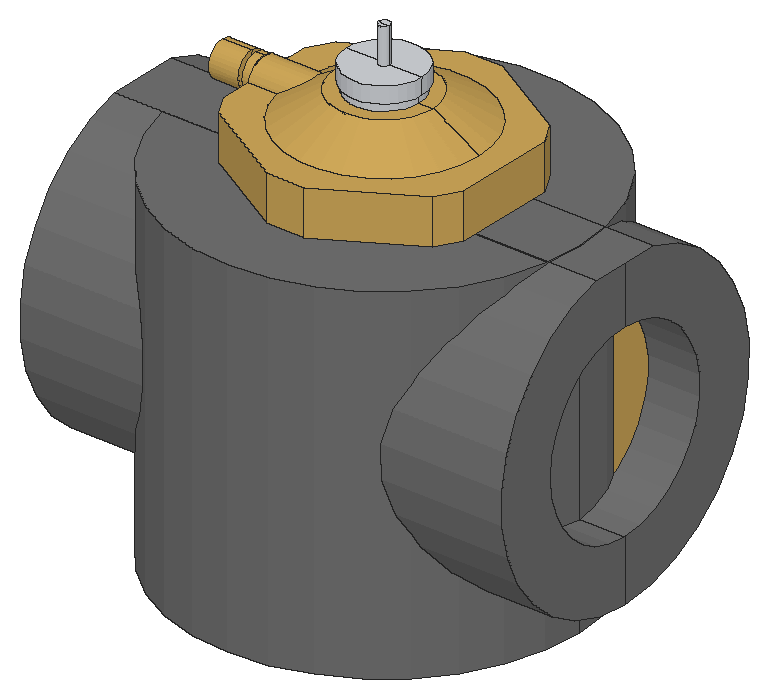
Revit family "Differenzdruckregler 4002 FIX TS 23kPa", category Rohrzubehör, Revit 2021
Family settings
  Bemaßung runder Anschluss = Durchmesser verwenden
  Teiletyp = Unterbricht
  OmniClass-Nummer = 23.65.55.14
  OmniClass-Titel = Valves for Liquid Services
  Arbeitsebenenbasiert = Nein
  Immer vertikal = Ja
  Beim Laden mit Abzugskörper schneiden = Nein
  Gemeinsam genutzt = Nein
Parameters (values of type "Mit Dämmung")
  y2 [instance] = K14 + K9 + H01  # 72.649 mm
  y1 [instance] = (R03 * 2) + R05  # 140.000 mm
  k25 = 9.000 mm
  k24 = 13.000 mm
  k23 = 6.000 mm
  k22 = 22.000 mm
  k21 = 13.000 mm
  k20 = 14.000 mm
  k19 = 2.000 mm
  Vorgabe-Ansicht = 0.000 mm
  Min. Betriebstemperatur (Frostschutz) = -20 °C  # constant formula
  Max. zulässige Betriebstemperatur bis DN32 = 130 °C  # constant formula
  Max. zulässige Betriebstemperatur DN40 - DN50 = 110 °C  # constant formula
  Max. Differenzdruck am Gehäuse = 400000.0 Pa  # constant formula
  Max. Betriebsdruck = 1600000.0 Pa  # constant formula
  Ventilschaft = "Edelstahl 14301"  # constant formula
  VRL01 [instance] = 30.000 mm  # constant formula
  V12 = 17.000 mm  # constant formula
  V10 = 16.000 mm  # constant formula
  V09 [instance] = 11.000 mm  # constant formula
  V08 [instance] = G01 + 3.000 mm  # 38.000 mm
  V03 [instance] = G01 + 5.000 mm  # 40.000 mm
  V02 [instance] = V01 + 4.500 mm  # 29.500 mm
  V01 [instance] = Nennweite / 2  # 25.000 mm
  URL = "www.herz-armaturen.at"
  SCRNSEQ = "ARM;ARM_TYP=\"DIFR\";2"
  SCRNCODE = "05;03;4"  # constant formula
  S07 = 10.000 mm  # constant formula
  S05 [instance] = S01 - 1.000 mm  # 25.000 mm
  S04 [instance] = S02 - 1.000 mm  # 27.000 mm
  S03 [instance] = size_lookup("4002_FIX_TS_23", "S03", 26.500 mm, Nennweite)  # 37.700 mm
  S02 [instance] = size_lookup("4002_FIX_TS_23", "S02", 19.000 mm, Nennweite)  # 28.000 mm
  S01 [instance] = size_lookup("4002_FIX_TS_23", "S01", 14.850 mm, Nennweite)  # 26.000 mm
  Regleranschlussmutter = "Messing CW614N"  # constant formula
  Regelbereich = "FIX 23kPa"  # constant formula
  R06 [instance] = size_lookup("4002_FIX_TS_23", "R06", 14.500 mm, Nennweite)  # 14.500 mm
  R05 [instance] = size_lookup("4002_FIX_TS_23", "R05", 41.000 mm, Nennweite)  # 104.000 mm
  R04 [instance] = size_lookup("4002_FIX_TS_23", "R04", 12.500 mm, Nennweite)  # 14.500 mm
  R03 [instance] = size_lookup("4002_FIX_TS_23", "R03", 8.000 mm, Nennweite)  # 18.000 mm
  R02 = 14.500 mm  # constant formula
  R01 [instance] = size_lookup("4002_FIX_TS_23", "R01", 11.500 mm, Nennweite)  # 37.600 mm
  Min. Betriebstemperatur (reines Wasser) = 2 °C  # constant formula
  O-Ringe = "EPDM"  # constant formula
  Nennweite [instance] = 50.000 mm
  Membrangehäuse = "Messing CW602N"  # constant formula
  Membrane = "EPDM"  # constant formula
  Medium = "Wasserbeschaffenheit nach ÖNORM H 5195 und VDI 2035\r\nDie Verwendung von Ethylen- und Propylenglykol ist im\r\nMischungsverhältnis 25 - 50 Vol.-% zulässig."
  L07 [instance] = size_lookup("4002_FIX_TS_23", "L07", 33.000 mm, Nennweite)  # 70.000 mm
  L06 = 7.000 mm  # constant formula
  L [instance] = size_lookup("4002_FIX_TS_23", "L", 66.000 mm, Nennweite)  # 140.000 mm
  K9 = 4.000 mm  # constant formula
  K8 = 55.000 mm  # constant formula
  K7 = 8.700 mm  # constant formula
  K6 = 11.700 mm  # constant formula
  K5 = 13.000 mm  # constant formula
  K4 = 12.000 mm  # constant formula
  K3 = 15.000 mm  # constant formula
  K2 = 2.350 mm  # constant formula
  K18 = 89.000 mm  # constant formula
  K17 = 66.700 mm  # constant formula
  K16 = 3.000 mm  # constant formula
  K15 = 26.649 mm  # constant formula
  K14 = 16.649 mm  # constant formula
  K13 = 16.649 mm  # constant formula
  K12 = 10.000 mm  # constant formula
  K11 = 35.000 mm  # constant formula
  K10 = 18.250 mm  # constant formula
  K1.1 = 2.350 mm  # constant formula
  K1 = 7.651 mm - 1.000 mm  # 6.651 mm
  J9 = 15.700 mm  # constant formula
  J8 = 7.850 mm  # constant formula
  J7 = 15.897 mm  # constant formula
  J6 = 3.900 mm  # constant formula
  J5 = 6.500 mm  # constant formula
  J4 = 1.500 mm  # constant formula
  J3 = 3.200 mm  # constant formula
  J2 = 11.000 mm  # constant formula
  J11 = 3.500 mm  # constant formula
  J10 = 18.897 mm  # constant formula
  J1 = 6.500 mm  # constant formula
  Hersteller = "HERZ-Armaturen Ges.m.b.H"  # constant formula
  H2 [instance] = size_lookup("4002_FIX_TS_23", "H2", 28.000 mm, Nennweite)  # 58.000 mm
  H1 [instance] = K1 + K2 + K3 + K4 + K5 + K7 + K8 + K16 + 16.650 mm  # 132.351 mm
  H04 = 4.000 mm  # constant formula
  H03 = 9.800 mm  # constant formula
  H02 [instance] = size_lookup("4002_FIX_TS_23", "H02", 53.000 mm, Nennweite)  # 107.000 mm
  H01 [instance] = size_lookup("4002_FIX_TS_23", "H01", 25.000 mm, Nennweite)  # 52.000 mm
  Gehäuse = "DZR Messing CC770S"  # constant formula
  G01 [instance] = size_lookup("4002_FIX_TS_23", "G01", 13.220 mm, Nennweite)  # 35.000 mm
  Hinweise zum Material = "Gemäß Art 33 der REACH-Verordnung (EG Nr. 1907/2006) sind wir verpflichtet, darauf hinzuweisen,\r\ndass der Stoff Blei auf der SVHC-Liste geführt wird und dass alle aus Messing bestehenden Bauteile,\r\ndie in unseren Erzeugnissen verarbeitet sind, mehr als 0,1 % (w/w) Blei (CAS: 7439-92-1 / EINECS:\r\n231-100-4) enthalten. Da Blei als Legierungsbestandteil fest gebunden ist, sind keine Expositionen zu\r\nerwarten und daher sind keine zusätzlichen Angaben zur sicheren Verwendung notwendig.\r\n\r\nIm Hanf enthaltenes Ammoniak schädigt\r\nMessingventilgehäuse, EPDM Dichtungen werden durch\r\nMineralöle bzw. mineralölhaltige Schmierstoffe aufgequollen\r\nund führen somit zum Ausfall der EPDM-Dichtungen. Für\r\nFrost- und Korrosionsschutzmittel auf der Basis von Ethylen- und Propylenglykol sind die entsprechenden\r\nAngaben den Unterlagen des Herstellers zu entnehmen."
  Dämmung = yes
  Dämmschale = "EPP (expandiertes Polypropylen)"  # constant formula
  Druckfeder = "Federstahl, rost-und säurebeständig"  # constant formula
  DN50 [instance] = Nennweite = 50.000 mm  # yes
  DN40 [instance] = Nennweite = 40.000 mm  # no
  DN32-40 [instance] = or(Nennweite = 32.000 mm, Nennweite = 40.000 mm)  # no
  DN32 [instance] = Nennweite = 32.000 mm  # no
  DN25 [instance] = Nennweite = 25.000 mm  # no
  DN20 [instance] = Nennweite = 20.000 mm  # no
  DN15-25 [instance] = or(Nennweite = 15.000 mm, Nennweite = 20.000 mm, Nennweite = 25.000 mm)  # no
  DN15,20,25,32,50 [instance] = or(Nennweite = 15.000 mm, Nennweite = 20.000 mm, Nennweite = 25.000 mm, Nennweite = 32.000 mm, Nennweite = 50.000 mm)  # yes
  DN15 [instance] = Nennweite = 15.000 mm  # no
  D07 [instance] = if(Nennweite = 15.000 mm, 32.000 mm, if(Nennweite = 20.000 mm, 33.000 mm, if(Nennweite = 25.000 mm, 33.000 mm, if(Nennweite = 32.000 mm, 49.000 mm, if(Nennweite = 40.000 mm, 57.560 mm, if(Nennweite = 50.000 mm, 57.560 mm, 0.000 mm))))))  # 57.560 mm
  D06 [instance] = if(Nennweite = 15.000 mm, 32.000 mm, if(Nennweite = 20.000 mm, 33.000 mm, if(Nennweite = 25.000 mm, 33.000 mm, if(Nennweite = 32.000 mm, 49.000 mm, if(Nennweite = 40.000 mm, 57.560 mm, if(Nennweite = 50.000 mm, 57.560 mm, 0.000 mm))))))  # 57.560 mm
  D05 [instance] = if(Nennweite = 15.000 mm, 36.750 mm, if(Nennweite = 20.000 mm, 40.700 mm, if(Nennweite = 25.000 mm, 49.200 mm, if(Nennweite = 32.000 mm, 54.150 mm, if(Nennweite = 40.000 mm, 60.750 mm, if(Nennweite = 50.000 mm, 72.700 mm, 0.000 mm))))))  # 72.700 mm
  D04 [instance] = if(Nennweite = 15.000 mm, 78.500 mm, if(Nennweite = 20.000 mm, 82.000 mm, if(Nennweite = 25.000 mm, 84.000 mm, if(Nennweite = 32.000 mm, 120.000 mm, if(Nennweite = 40.000 mm, 130.000 mm, if(Nennweite = 50.000 mm, 130.500 mm, 0.000 mm))))))  # 130.500 mm
  D03 [instance] = if(Nennweite = 15.000 mm, 96.000 mm, if(Nennweite = 20.000 mm, 110.000 mm, if(Nennweite = 25.000 mm, 112.000 mm, if(Nennweite = 32.000 mm, 152.000 mm, if(Nennweite = 40.000 mm, 170.000 mm, if(Nennweite = 50.000 mm, 179.000 mm, 0.000 mm))))))  # 179.000 mm
  D02 [instance] = size_lookup("4002_FIX_TS_23", "R05", 41.000 mm, Nennweite)  # 104.000 mm
  D01 [instance] = size_lookup("4002_FIX_TS_23", "G01", 13.220 mm, Nennweite)  # 35.000 mm
  Bestellnummer Dämmung [instance] = if(and(Dämmung, Nennweite = 15.000 mm), 1409611, if(and(Dämmung, Nennweite = 20.000 mm), 1409612, if(and(Dämmung, Nennweite = 25.000 mm), 1409613, if(and(Dämmung, Nennweite = 32.000 mm), 1409614, if(and(Dämmung, Nennweite = 40.000 mm), 1409615, if(and(Dämmung, Nennweite = 50.000 mm), 1409616, 0))))))  # 1409616
  Bestellnummer [instance] = size_lookup("4002_FIX_TS_23", "Artnr", 0, Nennweite)  # 1400286
  B2 [instance] = size_lookup("4002_FIX_TS_23", "B2", 31.000 mm, Nennweite)  # 41.000 mm
  B1 [instance] = size_lookup("4002_FIX_TS_23", "B1", 26.000 mm, Nennweite)  # 41.000 mm
  B04 = 100.649 mm  # constant formula
  B03 = 44.500 mm  # constant formula
  B02 = 104.688 mm  # constant formula
  B01 = 10.000 mm  # constant formula
  Anwendungsgebiet = "Der Differenzdruckregler ist ein Regler mit linearer Kennlinie in Geradsitzausführung und arbeitet ohne Hilfsenergie. Der Differenzdruck-Sollwert beträgt 23 kPa, 50 kPa bzw 13 kPa. Im Lieferumfang enthalten ist die Impulsleitung (1000 mm), diese ist mit einem Strangregulierventil im Vorlauf zu verbinden."
  Anschlussnippel = "Messing CW602N"  # constant formula
  Anschlussgewinde für Antrieb = "Messing CW602N"  # constant formula
Types (2, lengths in mm): name | y2 | y1 | V08 | V03 | V02 | V01 | S05 | S04 | S03 | S02 | S01 | R05 | R04 | R03 | R01 | Nennweite | L07 | L | H2 | H02 | H01 | G01 | Dämmung | DN50 | DN15-25 | DN15 | D07 | D06 | D05 | D04 | D03 | D02 | D01 | Bestellnummer Dämmung | Bestellnummer | B2 | B1
  Ohne Dämmung | 45.649 | 66.000 | 16.220 | 18.220 | 12.000 | 7.500 | 13.850 | 18.000 | 25.600 | 19.000 | 14.850 | 50.000 | 12.500 | 8.000 | 11.500 | 15.000 | 33.000 | 66.000 | 28.000 | 53.000 | 25.000 | 13.220 | no | no | yes | yes | 32.000 | 32.000 | 36.750 | 78.500 | 96.000 | 50.000 | 13.220 | 0 | 1400281 | 31.000 | 26.000
  Mit Dämmung | 72.649 | 140.000 | 38.000 | 40.000 | 29.500 | 25.000 | 25.000 | 27.000 | 37.700 | 28.000 | 26.000 | 104.000 | 14.500 | 18.000 | 37.600 | 50.000 | 70.000 | 140.000 | 58.000 | 107.000 | 52.000 | 35.000 | yes | yes | no | no | 57.560 | 57.560 | 72.700 | 130.500 | 179.000 | 104.000 | 35.000 | 1409616 | 1400286 | 41.000 | 41.000
Reference planes
  plane 1 "Mitte (Vorne/hinten)": y = 0
  plane 2: z = 0
  plane 3 "Mitte (Links/rechts)": x = 0
Forms (mm)
  Revolve 1, solid, material "Messing, weicher Gelbton, geschweißt", detail levels fine
    sketch origin (0, 0, 0) x (1, 0, 0) y (0, 0, 1)
      loop
        line (-70, 0) -> (70, 0) -> (70, 35) -> (52, 35) -> (52, 37.6) -> (-52, 37.6) -> (-52, 35) -> (-70, 35) -> (-70, 0)
      axis (-70, 0) -> (70, 0)
    angle from 0 to 360
  Revolve 2, solid, material "Messing, weicher Gelbton, geschweißt", detail levels fine
    sketch origin (0, 0, 0) x (1, 0, 0) y (0, 0, 1)
      loop
        line (0, -58) -> (0, 0) -> (-27, 0) -> (-27, -48.2) -> (-28, -48.2) -> (-28, -58) -> (0, -58)
      axis (0, 0) -> (0, -58)
    angle from 0 to 360
  Extrusion 3, solid, material "Messing, weicher Gelbton, geschweißt", detail levels fine
    sketch origin (0, 0, 0) x (0, -1, 0) y (1, 0, 0)
      loop
        line (-46, -7.038) -> (-27.114, -39.75) -> (-18.886, -44.5) -> (18.886, -44.5) -> (27.114, -39.75) -> (46, -7.038) -> (46, 7.038) -> (27.114, 39.75) -> (18.886, 44.5) -> (-18.886, 44.5) -> (-27.114, 39.75) -> (-46, 7.038) -> (-46, -7.038)
    from 56 to 72.649
  Revolve 4, solid, material "Messing, weicher Gelbton, geschweißt", detail levels fine
    sketch origin (0, 0, -7.051) x (1, 0, 0) y (0, 0, 1)
      loop
        line (0, 79.7) -> (0, 89.7) -> (-18.25, 89.7) -> (-35, 79.7) -> (0, 79.7)
      axis (0, 89.7) -> (0, 79.7)
    angle from 0 to 360
  Revolve 5, solid, material "Messing, weicher Gelbton, geschweißt", visible <- "DN15-25", detail levels fine
    sketch origin (-11, 0, 0) x (1, 0, 0) y (0, 1, 0)
      loop
        line (-3.5, 41) -> (-11.2, 41) -> (-11.2, 0) -> (-3.5, 0) -> (-3.5, 41)
      axis (-3.5, 0) -> (-3.5, 41)
    angle from 0 to 360
  Revolve 6, solid, material "Messing, weicher Gelbton, geschweißt", detail levels fine
    sketch origin (-0.988, 0, -6.853) x (-1, 0, 0) y (0, 0, 1)
      loop
        line (43.5, 78.75) -> (59.2, 78.75) -> (59.2, 85.25) -> (48.2, 85.25) -> (48.2, 82.65) -> (46.7, 82.65) -> (46.7, 85.25) -> (43.5, 85.25) -> (43.5, 78.75)
      axis (43.5, 78.75) -> (59.2, 78.75)
    angle from 0 to 360
  Extrusion 7, solid, material "Messing, weicher Gelbton, geschweißt", detail levels fine
    sketch origin (0, 0, 0) x (0, 1, 0) y (0, 0, -1)
      loop
        line (7.85, -70.547) -> (7.85, -59.5) -> (-7.85, -59.5) -> (-7.85, -70.547)
        arc (-7.85, -70.547) -> (0, -78.397) -> (7.85, -70.547) r 7.85
    from 0 to 44.5
  Revolve 8, solid, material "Messing, weicher Gelbton, geschweißt", visible <- "DN15-25", detail levels fine
    sketch origin (-2, 0, 0) x (1, 0, 0) y (0, 1, 0)
      loop
        line (-12.5, 0) -> (-21.5, 0) -> (-21.5, -41) -> (-12.5, -41) -> (-12.5, 0)
      axis (-12.5, 0) -> (-12.5, -41)
    angle from 0 to 360
  Revolve 9, solid, material "Messing, weicher Gelbton, geschweißt", visible <- "DN15-25", detail levels fine
    sketch origin (2, 0, 0) x (1, 0, 0) y (0, 1, 0)
      loop
        line (12.5, 0) -> (12.5, -41) -> (21.6, -41) -> (21.6, 0) -> (12.5, 0)
      axis (12.5, 0) -> (12.5, -41)
    angle from 0 to 360
  Extrusion 10, solid, material "Messing, weicher Gelbton, geschweißt", visible <- "DN32", detail levels fine
    sketch origin (-31.5, 0, 0) x (1, 0, 0) y (0, 1, 0)
      loop
        circle (63, 0) r 6.578
      loop
        circle (63, 0) r 3.28
    from -47 to 0
  Extrusion 11, solid, material "Messing, weicher Gelbton, geschweißt", visible <- "DN32", detail levels fine
    sketch origin (31.5, 0, 0) x (-1, 0, 0) y (0, -1, 0)
      loop
        circle (63, 0) r 6.578
      loop
        circle (63, 0) r 3.28
    from -47 to 0
  Revolve 12, solid, material "Messing, weicher Gelbton, geschweißt", detail levels fine
    sketch origin (0, 0, 0) x (1, 0, 0) y (0, 0, 1)
      loop
        line (-25, 0) -> (0, 0) -> (0, 56) -> (-21, 56) -> (-21, 52) -> (-26, 52) -> (-26, 42.2) -> (-25, 42.2) -> (-25, 0)
      axis (0, 56) -> (0, 0)
    angle from 0 to 360
  Extrusion 13, solid, material "Messing, weicher Gelbton, geschweißt", visible <- "DN40", detail levels fine
    sketch origin (29.382, 0, 0) x (-1, 0, 0) y (0, -1, 0)
      loop
        circle (63, 0) r 6.578
      loop
        circle (63, 0) r 3.28
    from -58 to 0
  Extrusion 14, solid, material "Messing, weicher Gelbton, geschweißt", visible <- "DN40", detail levels fine
    sketch origin (-29.455, 0, 0) x (1, 0, 0) y (0, 1, 0)
      loop
        circle (63, 0) r 6.578
      loop
        circle (63, 0) r 3.28
    from -58 to 0
  Extrusion 15, solid, material "Messing, weicher Gelbton, geschweißt", visible <- "DN50", detail levels fine
    sketch origin (28.422, 0, 0) x (-1, 0, 0) y (0, -1, 0)
      loop
        circle (63, 0) r 6.578
      loop
        circle (63, 0) r 3.28
    from -58 to 0
  Extrusion 16, solid, material "Messing, weicher Gelbton, geschweißt", visible <- "DN50", detail levels fine
    sketch origin (-28.422, 0, 0) x (1, 0, 0) y (0, 1, 0)
      loop
        circle (63, 0) r 6.578
      loop
        circle (63, 0) r 3.28
    from -58 to 0
  Revolve 17, solid, material "Messing, weicher Gelbton, geschweißt", visible <- "DN32-40", detail levels fine
    sketch origin (-11, 0, 0) x (1, 0, 0) y (0, 1, 0)
      loop
        line (-3.5, -41) -> (-3.5, 0) -> (-11.2, 0) -> (-11.2, -41) -> (-3.5, -41)
      axis (-3.5, 0) -> (-3.5, -41)
    angle from 0 to 360
  Revolve 18, solid, material "Messing, weicher Gelbton, geschweißt", not visible, detail levels fine
    sketch origin (10.652, 0, 0) x (-1, 0, 0) y (0, 0, 1)
      loop
        line (80.652, 0) -> (110.652, 0) -> (110.652, 25) -> (93.652, 25) -> (93.652, 29.5) -> (84.652, 29.5) -> (84.652, 40) -> (77.652, 40) -> (77.652, 38) -> (62.652, 38) -> (62.652, 35) -> (80.652, 35) -> (80.652, 0)
      axis (62.652, 0) -> (110.652, 0)
    angle from 0 to 360
  Revolve 19, solid, material "Messing, weicher Gelbton, geschweißt", not visible, detail levels fine
    sketch origin (-9.448, 0, 0) x (1, 0, 0) y (0, 0, 1)
      loop
        line (79.448, 0) -> (109.448, 0) -> (109.448, 25) -> (92.448, 25) -> (92.448, 29.5) -> (83.448, 29.5) -> (83.448, 40) -> (76.448, 40) -> (76.448, 38) -> (61.448, 38) -> (61.448, 35) -> (79.448, 35) -> (79.448, 0)
      axis (61.448, 0) -> (109.448, 0)
    angle from 0 to 360
  Revolve 20, solid, detail levels fine
    sketch origin (0, 0, 0) x (1, 0, 0) y (0, 0, 1)
      loop
        line (0, 82.649) -> (0, 104.649) -> (-2, 104.649) -> (-2, 91.649) -> (-14, 91.649) -> (-14, 85.649) -> (-13, 85.649) -> (-13, 82.649) -> (0, 82.649)
      axis (0, 104.649) -> (0, 82.649)
    angle from 0 to 360
  Revolve 21, solid, material "Kunststoff-Anthrazit/Schwarz", visible <- "Dämmung", detail levels fine
    sketch origin (0, 0, 0) x (1, 0, 0) y (0, 0, 1)
      loop
        line (89.5, 57.56) -> (-89.5, 57.56) -> (-89.5, 35) -> (-52, 35) -> (-52, 0) -> (0, 0) -> (52, 0) -> (52, 35) -> (89.5, 35) -> (89.5, 57.56)
      axis (-89.5, 0) -> (89.5, 0)
    angle from 0 to 360
  Revolve 22, solid, material "Kunststoff-Anthrazit/Schwarz", visible <- "Dämmung", detail levels fine
    sketch origin (0, 0, 0) x (1, 0, 0) y (0, 0, 1)
      loop
        line (0, -72.94) -> (72.7, -72.94) -> (72.7, 57.56) -> (0, 57.56) -> (0, -72.94)
      axis (0, 57.56) -> (0, -72.94)
    angle from 0 to 360
  Extrusion 23, void
    sketch origin (-283.267, -47.5, 0) x (1, 0, 0) y (0, 1, 0)
      loop
        line (192.065, -46.754) -> (378.267, -46.754) -> (378.267, 136.9) -> (192.065, 136.9) -> (192.065, -46.754)
    from 56 to 72.649
  Extrusion 24, void
    sketch origin (-265.832, -47.5, 0) x (1, 0, 0) y (0, 1, 0)
      loop
        line (148.665, -27.107) -> (383, -27.107) -> (383, 142.5) -> (148.665, 142.5) -> (148.665, -27.107)
    from 56 to 72.649
Cuts and joins
  Extrusion 23 cuts Revolve 21
  Extrusion 24 cuts Revolve 22
Lines and regions (mm)
  model lines, detail levels coarse+medium
    curve 1: line (70, -35, 0) -> (70, 35, 0)
    curve 2: line (70, 35, 0) -> (-70, -35, 0)
    curve 3: line (-70, -35, 0) -> (-70, 35, 0)
    curve 4: line (-70, 35, 0) -> (70, -35, 0)
    curve 5: line (0, -42, 0) -> (0, -56, 0)
    curve 6: spline (-44.5, -64.324, 0) -> (-42.984, -62.17, 0) -> (-38.538, -60.162, 0) -> (-31.466, -58.438, 0) -> (-22.25, -57.115, 0) -> (-11.517, -56.284, 0) -> (0, -56, 0) -> (11.517, -56.284, 0) -> (22.25, -57.115, 0) -> (31.466, -58.438, 0) -> (38.538, -60.162, 0) -> (42.984, -62.17, 0) -> (44.5, -64.325, 0) -> (42.984, -66.479, 0) -> (38.538, -68.487, 0) -> (31.466, -70.211, 0) -> (22.25, -71.534, 0) -> (11.517, -72.365, 0) -> (0, -72.649, 0) -> (-11.517, -72.365, 0) -> (-22.25, -71.534, 0) -> (-31.466, -70.211, 0) -> (-38.538, -68.487, 0) -> (-42.984, -66.479, 0) -> (-44.5, -64.324, 0)
    curve 7: line (-70, 0, 35) -> (-70, 0, -35)
    curve 8: line (-70, 0, -35) -> (70, 0, 35)
    curve 9: line (70, 0, 35) -> (70, 0, -35)
    curve 10: line (70, 0, -35) -> (-70, 0, 35)
    curve 11: line (0, 0, 35) -> (0, 0, 56)
    curve 12: spline (-44.5, 0, 64.325) -> (-42.984, 0, 66.479) -> (-38.538, 0, 68.487) -> (-31.466, 0, 70.211) -> (-22.25, 0, 71.534) -> (-11.517, 0, 72.365) -> (0, 0, 72.649) -> (11.517, 0, 72.365) -> (22.25, 0, 71.534) -> (31.466, 0, 70.211) -> (38.538, 0, 68.487) -> (42.984, 0, 66.479) -> (44.5, 0, 64.324) -> (42.984, 0, 62.17) -> (38.538, 0, 60.162) -> (31.466, 0, 58.438) -> (22.25, 0, 57.115) -> (11.517, 0, 56.284) -> (0, 0, 56) -> (-11.517, 0, 56.284) -> (-22.25, 0, 57.115) -> (-31.466, 0, 58.438) -> (-38.538, 0, 60.162) -> (-42.984, 0, 62.17) -> (-44.5, 0, 64.325)
    curve 13: line (0, 0, 35) -> (35, 0, 17.5)
    curve 14: line (0, 0, 35) -> (-35, 0, 17.5)
    curve 15: line (70, 0, 0) -> (100, 0, 0)
    curve 16: line (-70, 0, 0) -> (-100, 0, 0)
    curve 17: line (0, -42, 0) -> (-18.2, -9.1, 0)
    curve 18: line (0, -42, 0) -> (18.2, -9.1, 0)
    curve 19: line (70, 0, 35) -> (70, 0, -35)
    curve 20: line (70, 0, 35) -> (80, 0, 35)
    curve 21: line (80, 0, 35) -> (70, 0, 0)
    curve 22: line (80, 0, -35) -> (70, 0, 0)
    curve 23: line (70, 0, -35) -> (80, 0, -35)
    curve 24: line (-70, 0, 35) -> (-70, 0, -35)
    curve 25: line (-70, 0, 35) -> (-80, 0, 35)
    curve 26: line (-80, 0, 35) -> (-70, 0, 0)
    curve 27: line (-80, 0, -35) -> (-70, 0, 0)
    curve 28: line (-70, 0, -35) -> (-80, 0, -35)
    curve 29: line (-70, 35, 0) -> (-80, 35, 0)
    curve 30: line (-80, 35, 0) -> (-70, 0, 0)
    curve 31: line (-70, -35, 0) -> (-80, -35, 0)
    curve 32: line (-80, -35, 0) -> (-70, 0, 0)
    curve 33: line (70, -35, 0) -> (70, 35, 0)
    curve 34: line (70, 35, 0) -> (80, 35, 0)
    curve 35: line (80, 35, 0) -> (70, 0, 0)
    curve 36: line (70, -35, 0) -> (80, -35, 0)
    curve 37: line (80, -35, 0) -> (70, 0, 0)
Dimensions and locks
  "G01": Revolve 1 sketch curve to Revolve 1 sketch curve  (x2)
  "R01": Revolve 1 sketch curve to Revolve 1 sketch curve
  "R03": Revolve 1 sketch curve to Revolve 1 sketch curve  (x2)
  "K10": Revolve 4 sketch curve to Revolve 4 sketch curve
  "K11": Revolve 4 sketch curve to Revolve 4 sketch curve
  "B1": Revolve 5 sketch curve to Revolve 5 sketch curve
  "J1": Revolve 6 sketch curve to Revolve 6 sketch curve
  "J3": Revolve 6 sketch curve to Revolve 6 sketch curve
  "J4": Revolve 6 sketch curve to Revolve 6 sketch curve
  "J2": Revolve 6 sketch curve to Revolve 6 sketch curve
  "J5": Revolve 6 sketch curve to Revolve 6 sketch curve
  "J6": Revolve 6 sketch curve to Revolve 6 sketch curve
  "H2": plane 2 to Revolve 2 sketch curve
  "H03": Revolve 2 sketch curve to Revolve 2 sketch curve
  "S02": plane 3 "Mitte (Links/rechts)" to Revolve 2 sketch curve
  "B02": Revolve 6 to Extrusion 3
  "B03": Extrusion 3 to plane 3 "Mitte (Links/rechts)"
  "R04": Revolve 5 sketch curve to plane 3 "Mitte (Links/rechts)"
  "K12": Revolve 4 sketch curve to Revolve 4 sketch curve
  "K13": Revolve 4 sketch curve to Extrusion 3
  "K14": Extrusion 3 to Extrusion 3
  "R05": Revolve 1 sketch curve to Revolve 1 sketch curve
  plane 3 "Mitte (Links/rechts)" to Revolve 1 sketch curve = 70.000 mm
  Revolve 1 sketch curve to plane 3 "Mitte (Links/rechts)" = 70.000 mm
  equal spacing: Revolve 1 sketch curve, plane 3 "Mitte (Links/rechts)", Revolve 1 sketch curve
  "B2": plane 1 "Mitte (Vorne/hinten)" to Revolve 8 sketch curve
  "B2": Revolve 9 sketch curve to plane 1 "Mitte (Vorne/hinten)"
  "R06": Revolve 8 sketch curve to plane 3 "Mitte (Links/rechts)"
  "R06": plane 3 "Mitte (Links/rechts)" to Revolve 9 sketch curve
  "S01": Revolve 12 sketch curve to plane 3 "Mitte (Links/rechts)"
  "S05": plane 3 "Mitte (Links/rechts)" to Revolve 12 sketch curve
  "H04": Revolve 12 sketch curve to Revolve 12 sketch curve
  "H03": Revolve 12 sketch curve to Revolve 12 sketch curve
  "H01": Revolve 12 sketch curve to plane 2
  "K9": Extrusion 3 to Revolve 12
  Revolve 2 sketch curve to Revolve 2 sketch curve = 1.000 mm
  "J7": Revolve 6 sketch curve to Extrusion 3
  "J9": Extrusion 7 sketch curve to Extrusion 7 sketch curve
  "J10": Revolve 6 to Extrusion 7 sketch curve
  "J11": Extrusion 7 sketch curve to Extrusion 3
  equal spacing: curve 7, curve 6, curve 9
  "K18": Extrusion 3 to Extrusion 3
  equal spacing: curve 7, curve 14, curve 14
  equal spacing: curve 14, curve 13, curve 9
  "G01": curve 10 to plane 2
  "G01": plane 2 to curve 8
  "G01": curve 9 to plane 2
  "G01": plane 2 to curve 10
  "K18": curve 12 to curve 12
  "y1": curve 7 to curve 9
  "G01": curve 14 to plane 2
  "K14": curve 12 to curve 12
  "y2": curve 12 to plane 2
  "G01": plane 1 "Mitte (Vorne/hinten)" to curve 4
  "G01": curve 3 to plane 1 "Mitte (Vorne/hinten)"
  equal spacing: curve 3, curve 12, curve 1
  equal spacing: curve 3, curve 18, curve 1
  "y1": curve 3 to curve 1
  "G01": plane 1 "Mitte (Vorne/hinten)" to curve 2
  "G01": curve 4 to plane 1 "Mitte (Vorne/hinten)"
  "K18": curve 6 to curve 6
  "K14": curve 6 to curve 6
  "y2": curve 6 to plane 1 "Mitte (Vorne/hinten)"
  "B1": Revolve 17 sketch curve to Revolve 17 sketch curve
  "R04": Revolve 17 sketch curve to plane 3 "Mitte (Links/rechts)"
  "R03": Revolve 18 sketch curve to Revolve 18 sketch curve
  "V10": Revolve 18 sketch curve to Revolve 18 sketch curve
  "V12": Revolve 18 sketch curve to Revolve 18 sketch curve
  "VRL01": Revolve 18 sketch curve to Revolve 18 sketch curve
  "V02": Revolve 18 sketch curve to plane 2
  "V01": Revolve 18 sketch curve to plane 2
  "G01": Revolve 18 sketch curve to plane 2
  "V08": Revolve 18 sketch curve to plane 2
  "V03": Revolve 18 sketch curve to plane 2
  "R03": Revolve 19 sketch curve to Revolve 19 sketch curve
  "V10": Revolve 19 sketch curve to Revolve 19 sketch curve
  "V12": Revolve 19 sketch curve to Revolve 19 sketch curve
  "VRL01": Revolve 19 sketch curve to Revolve 19 sketch curve
  "V01": Revolve 19 sketch curve to plane 2
  "V02": Revolve 19 sketch curve to plane 2
  "G01": Revolve 19 sketch curve to plane 2
  "V08": Revolve 19 sketch curve to plane 2
  "V03": Revolve 19 sketch curve to plane 2
  "L07": Revolve 18 to plane 3 "Mitte (Links/rechts)"
  "L07": plane 3 "Mitte (Links/rechts)" to Revolve 19
  "S07": curve 28 to Revolve 18
  "S07": curve 26 to Revolve 18
  "S07": Revolve 19 to curve 21
  "S07": Revolve 19 to curve 23
  "G01": plane 2 to curve 28
  "G01": curve 25 to plane 2
  "G01": curve 20 to plane 2
  "G01": plane 2 to curve 23
  "S07": curve 30 to curve 3
  "S07": curve 32 to curve 3
  "S07": curve 33 to curve 35
  "S07": curve 33 to curve 37
  "k20": Revolve 20 sketch curve to Revolve 20 sketch curve
  "k24": Revolve 20 sketch curve to Revolve 20 sketch curve
  "k23": Revolve 20 sketch curve to Revolve 20 sketch curve
  "k21": Revolve 20 sketch curve to Revolve 20 sketch curve
  "k22": Revolve 20 sketch curve to Revolve 20 sketch curve
  "k19": Revolve 20 sketch curve to Revolve 20 sketch curve
  "k25": Revolve 20 to Revolve 4
  "D07": Revolve 21 sketch curve to plane 2
  "D01": Revolve 21 sketch curve to plane 2  (x2)
  "D02": Revolve 21 sketch curve to Revolve 21 sketch curve
  equal spacing: Revolve 21 sketch curve, plane 3 "Mitte (Links/rechts)", Revolve 21 sketch curve  (x2)
  "D03": Revolve 21 sketch curve to Revolve 21 sketch curve
  "D05": Revolve 22 sketch curve to Revolve 22 sketch curve
  "D04": Revolve 22 sketch curve to Revolve 22 sketch curve
  "D06": Revolve 22 sketch curve to plane 2
  "K14": Extrusion 23 to Extrusion 23
  "K14": Extrusion 23 to Extrusion 3
  "K14": Extrusion 24 to Extrusion 24
  "K14": Extrusion 24 to Extrusion 3
  "J8": radius of Extrusion 7 sketch curve
  aligned and locked: level to plane 2
Automatic sketch dimensions
  plane 3 "Mitte (Links/rechts)" to Extrusion 3 sketch curve = 7.038 mm  (x2)
  Extrusion 3 sketch curve to plane 1 "Mitte (Vorne/hinten)" = 46.000 mm
  Extrusion 3 sketch curve to plane 1 "Mitte (Vorne/hinten)" = 27.114 mm  (x2)
  Extrusion 3 sketch curve to Extrusion 3 sketch curve = 8.227 mm  (x4)
  plane 1 "Mitte (Vorne/hinten)" to Extrusion 3 sketch curve = 18.886 mm  (x2)
  Extrusion 3 sketch curve to Extrusion 3 sketch curve = 18.886 mm
  Extrusion 3 sketch curve to plane 3 "Mitte (Links/rechts)" = 7.038 mm  (x2)
  Extrusion 3 sketch curve to Extrusion 3 sketch curve = 32.712 mm  (x4)
  Extrusion 3 sketch curve to Extrusion 3 sketch curve = 4.750 mm  (x2)
  Extrusion 10 sketch curve to Extrusion 10 sketch curve = 0.000 mm  (x2)
  plane 1 "Mitte (Vorne/hinten)" to Extrusion 10 sketch curve = 0.000 mm
  plane 3 "Mitte (Links/rechts)" to Extrusion 10 sketch curve = 31.500 mm
  Extrusion 11 sketch curve to Extrusion 11 sketch curve = 0.000 mm  (x2)
  plane 1 "Mitte (Vorne/hinten)" to Extrusion 11 sketch curve = 0.000 mm
  plane 3 "Mitte (Links/rechts)" to Extrusion 11 sketch curve = 31.500 mm
  Extrusion 13 sketch curve to Extrusion 13 sketch curve = 0.000 mm  (x2)
  plane 1 "Mitte (Vorne/hinten)" to Extrusion 13 sketch curve = 0.000 mm
  plane 3 "Mitte (Links/rechts)" to Extrusion 13 sketch curve = 33.618 mm
  Extrusion 14 sketch curve to Extrusion 14 sketch curve = 0.000 mm  (x2)
  plane 1 "Mitte (Vorne/hinten)" to Extrusion 14 sketch curve = 0.000 mm
  plane 3 "Mitte (Links/rechts)" to Extrusion 14 sketch curve = 33.545 mm
  Extrusion 15 sketch curve to Extrusion 15 sketch curve = 0.000 mm  (x2)
  plane 1 "Mitte (Vorne/hinten)" to Extrusion 15 sketch curve = 0.000 mm
  plane 3 "Mitte (Links/rechts)" to Extrusion 15 sketch curve = 34.578 mm
  Extrusion 16 sketch curve to Extrusion 16 sketch curve = 0.000 mm  (x2)
  plane 1 "Mitte (Vorne/hinten)" to Extrusion 16 sketch curve = 0.000 mm
  plane 3 "Mitte (Links/rechts)" to Extrusion 16 sketch curve = 34.578 mm
  Extrusion 23 sketch curve to plane 1 "Mitte (Vorne/hinten)" = 89.400 mm
  Extrusion 23 sketch curve to plane 3 "Mitte (Links/rechts)" = 91.202 mm
  Extrusion 23 sketch curve to Extrusion 23 sketch curve = 186.202 mm
  plane 1 "Mitte (Vorne/hinten)" to Extrusion 23 sketch curve = 94.254 mm
  Extrusion 24 sketch curve to plane 1 "Mitte (Vorne/hinten)" = 95.000 mm
  Extrusion 24 sketch curve to plane 3 "Mitte (Links/rechts)" = 117.168 mm
  Extrusion 24 sketch curve to Extrusion 24 sketch curve = 234.335 mm
  plane 1 "Mitte (Vorne/hinten)" to Extrusion 24 sketch curve = 74.607 mm
  curve 16 to level = 0.000 mm
  curve 11 to plane 3 "Mitte (Links/rechts)" = 0.000 mm
  curve 12 to plane 3 "Mitte (Links/rechts)" = 0.000 mm
  curve 15 to level = 0.000 mm
  curve 16 to curve 16 = 30.000 mm
  curve 15 to curve 15 = 30.000 mm
  plane 1 "Mitte (Vorne/hinten)" to curve 30 = 0.000 mm
  plane 1 "Mitte (Vorne/hinten)" to curve 32 = 0.000 mm
  curve 18 to plane 3 "Mitte (Links/rechts)" = 0.000 mm
  curve 6 to plane 3 "Mitte (Links/rechts)" = 0.000 mm
  plane 1 "Mitte (Vorne/hinten)" to curve 35 = 0.000 mm
  plane 1 "Mitte (Vorne/hinten)" to curve 37 = 0.000 mm
  curve 5 to curve 17 = 14.000 mm
  plane 1 "Mitte (Vorne/hinten)" to curve 17 = 9.100 mm
  plane 1 "Mitte (Vorne/hinten)" to curve 18 = 9.100 mm
  Revolve 1 sketch curve to level = 0.000 mm  (x2)
  Revolve 1 sketch curve to Revolve 1 sketch curve = 1473.530 mm
  Revolve 1 sketch curve to Revolve 1 sketch curve = 1806.148 mm
  Revolve 2 sketch curve to level = 0.000 mm
  Revolve 2 sketch curve to plane 3 "Mitte (Links/rechts)" = 0.000 mm  (x2)
  Revolve 2 sketch curve to Revolve 2 sketch curve = 1.000 mm
  Revolve 2 sketch curve to Revolve 2 sketch curve = 334.045 mm
  level to Revolve 2 sketch curve = 2218.015 mm
  Revolve 4 sketch curve to plane 3 "Mitte (Links/rechts)" = 0.000 mm  (x2)
  Revolve 4 sketch curve to level = 373.096 mm
  Revolve 4 sketch curve to Revolve 4 sketch curve = 2155.315 mm
  plane 1 "Mitte (Vorne/hinten)" to Revolve 5 sketch curve = 0.000 mm  (x2)
  Revolve 5 sketch curve to Revolve 5 sketch curve = 0.000 mm  (x2)
  Revolve 5 sketch curve to Revolve 5 sketch curve = 7.700 mm
  plane 3 "Mitte (Links/rechts)" to Revolve 6 sketch curve = 44.488 mm
  Revolve 6 sketch curve to Revolve 6 sketch curve = 0.000 mm  (x3)
  Extrusion 7 sketch curve to plane 1 "Mitte (Vorne/hinten)" = 0.000 mm
  Extrusion 7 sketch curve to Extrusion 7 sketch curve = 11.047 mm
  Extrusion 7 sketch curve to Extrusion 7 sketch curve = 0.000 mm
  plane 1 "Mitte (Vorne/hinten)" to Revolve 8 sketch curve = 0.000 mm  (x2)
  Revolve 8 sketch curve to Revolve 8 sketch curve = 9.000 mm
  Revolve 8 sketch curve to Revolve 8 sketch curve = 0.000 mm  (x2)
  plane 1 "Mitte (Vorne/hinten)" to Revolve 9 sketch curve = 0.000 mm  (x2)
  Revolve 9 sketch curve to Revolve 9 sketch curve = 9.100 mm
  Revolve 9 sketch curve to Revolve 9 sketch curve = 0.000 mm  (x2)
  Revolve 12 sketch curve to level = 0.000 mm  (x2)
  Revolve 12 sketch curve to plane 3 "Mitte (Links/rechts)" = 0.000 mm  (x2)
  Revolve 12 sketch curve to Revolve 12 sketch curve = 5.000 mm
  Revolve 12 sketch curve to Revolve 12 sketch curve = 0.000 mm
  plane 1 "Mitte (Vorne/hinten)" to Revolve 17 sketch curve = 0.000 mm  (x2)
  Revolve 17 sketch curve to Revolve 17 sketch curve = 7.700 mm
  Revolve 17 sketch curve to Revolve 17 sketch curve = 0.000 mm  (x2)
  Revolve 18 sketch curve to level = 0.000 mm  (x2)
  plane 3 "Mitte (Links/rechts)" to Revolve 18 sketch curve = 52.000 mm
  Revolve 18 sketch curve to Revolve 18 sketch curve = 4.000 mm
  Revolve 18 sketch curve to Revolve 18 sketch curve = 0.000 mm  (x2)
  Revolve 19 sketch curve to level = 0.000 mm  (x2)
  plane 3 "Mitte (Links/rechts)" to Revolve 19 sketch curve = 52.000 mm
  Revolve 19 sketch curve to Revolve 19 sketch curve = 4.000 mm
  Revolve 19 sketch curve to Revolve 19 sketch curve = 0.000 mm  (x2)
  curve 26 to level = 0.000 mm
  curve 27 to level = 0.000 mm
  curve 22 to level = 0.000 mm
  curve 21 to level = 0.000 mm
  curve 27 to curve 28 = 10.000 mm
  curve 19 to curve 20 = 10.000 mm
  Revolve 20 sketch curve to plane 3 "Mitte (Links/rechts)" = 0.000 mm  (x2)
  level to Revolve 20 sketch curve = 82.649 mm
  Revolve 20 sketch curve to Revolve 20 sketch curve = 0.000 mm  (x2)
  Revolve 21 sketch curve to level = 0.000 mm  (x2)
  Revolve 21 sketch curve to plane 3 "Mitte (Links/rechts)" = 0.000 mm
  Revolve 21 sketch curve to Revolve 21 sketch curve = 0.000 mm  (x2)
  Revolve 22 sketch curve to plane 3 "Mitte (Links/rechts)" = 0.000 mm  (x2)
  Revolve 22 sketch curve to Revolve 22 sketch curve = 0.000 mm  (x2)
  radius of Extrusion 10 sketch curve = 6.578 mm
  radius of Extrusion 10 sketch curve = 3.280 mm
  radius of Extrusion 11 sketch curve = 6.578 mm
  radius of Extrusion 11 sketch curve = 3.280 mm
  radius of Extrusion 13 sketch curve = 6.578 mm
  radius of Extrusion 13 sketch curve = 3.280 mm
  radius of Extrusion 14 sketch curve = 6.578 mm
  radius of Extrusion 14 sketch curve = 3.280 mm
  radius of Extrusion 15 sketch curve = 6.578 mm
  radius of Extrusion 15 sketch curve = 3.280 mm
  radius of Extrusion 16 sketch curve = 6.578 mm
  radius of Extrusion 16 sketch curve = 3.280 mm
Nested families
  nested 1: "Herz-Logo-vorne" at (-0.018, 17.815, -12.904) x (0, -1, 0) z (0, 0, 1), type "Herz-Logo-vorne", detail levels fine
  nested 2: "Herz-Logo-vorne" at (-0.018, 29.612, 0) x (0, -1, 0) z (0, 0, 1), visible <- "DN32", type "Herz-Logo-vorne", detail levels fine
  nested 3: "Herz-Logo-vorne" at (-0.018, 38.665, 0) x (0, -1, 0) z (0, 0, 1), visible <- "DN40", type "Herz-Logo-vorne", detail levels fine
  nested 4: "Herz-Logo-vorne" at (-0.018, 37.548, 0) x (0, -1, 0) z (0, 0, 1), visible <- "DN50", type "Herz-Logo-vorne", detail levels fine
Connectors
  piping at (-70, 0, 0), diameter 50, driven by "Nennweite"
    settings: on Revolve 1, index 1, connector inside diameter 609.6 mm, connector length 0.000 mm, flow factor 0, pipe flow 0.0 L/s, pressure drop 0.0 Pa, fitting loss kfactor 0, connector angle 0.00°, fixture units 0, engagement length 0.000 mm, angle of deflection 0.00°, flow configuration 0, flow direction 1, fitting loss method 0, system type 7, joint type 0, gender type 0, connector reference index -1, connector utility 0, adjustable connector no, is connector primary yes, connector description ""
  piping at (70, 0, 0), diameter 50, driven by "Nennweite"
    settings: on Revolve 1, index 2, connector inside diameter 609.6 mm, connector length 0.000 mm, flow factor 0, pipe flow 0.0 L/s, pressure drop 0.0 Pa, fitting loss kfactor 0, connector angle 0.00°, fixture units 0, engagement length 0.000 mm, angle of deflection 0.00°, flow configuration 0, flow direction 2, fitting loss method 0, system type 29, joint type 0, gender type 0, connector reference index -1, connector utility 0, adjustable connector no, is connector primary no, connector description ""
Definition of nested family "Herz-Logo-vorne"
  Parameters (values of type "Herz-Logo-vorne")
    Default Elevation = 0.000 mm
  Reference planes
    plane 1 "Mitte (Vorne/hinten)": y = 0
    plane 2: z = 0
    plane 3 "Mitte (Links/rechts)": x = 0
  Forms (mm)
    Extrusion 1, solid
      sketch origin (0.732, -0.018, 0.017) x (0, -1, 0) y (0, 0, 1)
        loop
          line (-0.018, -4.517) -> (4.482, -4.517) -> (4.482, 4.483) -> (-4.518, 4.483) -> (-4.518, -4.517) -> (-0.018, -4.517)
        loop
          line (-0.05, -3.48) -> (3.482, -3.48) -> (3.482, 3.483) -> (-3.518, 3.483) -> (-3.518, -3.48) -> (-0.05, -3.48)
        loop
          arc (-0.018, 2.383) -> (-1.543, 3.287) -> (-3.067, 2.383) r 1.738
          arc (-3.067, 2.383) -> (-3.191, 1.899) -> (-3.067, 1.415) r 1.009
          line (-3.067, 1.415) -> (-0.018, -3.281) -> (3.032, 1.415)
          arc (3.032, 1.415) -> (3.156, 1.899) -> (3.032, 2.383) r 1.009
          arc (3.032, 2.383) -> (1.507, 3.287) -> (-0.018, 2.383) r 1.738
        loop
          arc (1.885, 1.272) -> (2.005, 1.675) -> (1.885, 2.079) r 0.74
          arc (1.885, 2.079) -> (1.265, 2.416) -> (0.644, 2.079) r 0.74
          line (0.644, 2.079) -> (-0.018, 0.97) -> (-0.679, 2.079)
          arc (-0.679, 2.079) -> (-1.3, 2.416) -> (-1.921, 2.079) r 0.74
          arc (-1.921, 2.079) -> (-2.04, 1.675) -> (-1.921, 1.272) r 0.74
          line (-1.921, 1.272) -> (-0.018, -1.658) -> (1.885, 1.272)
      from 0 to 1.5
  Dimensions and locks
    aligned and locked: level to plane 2
